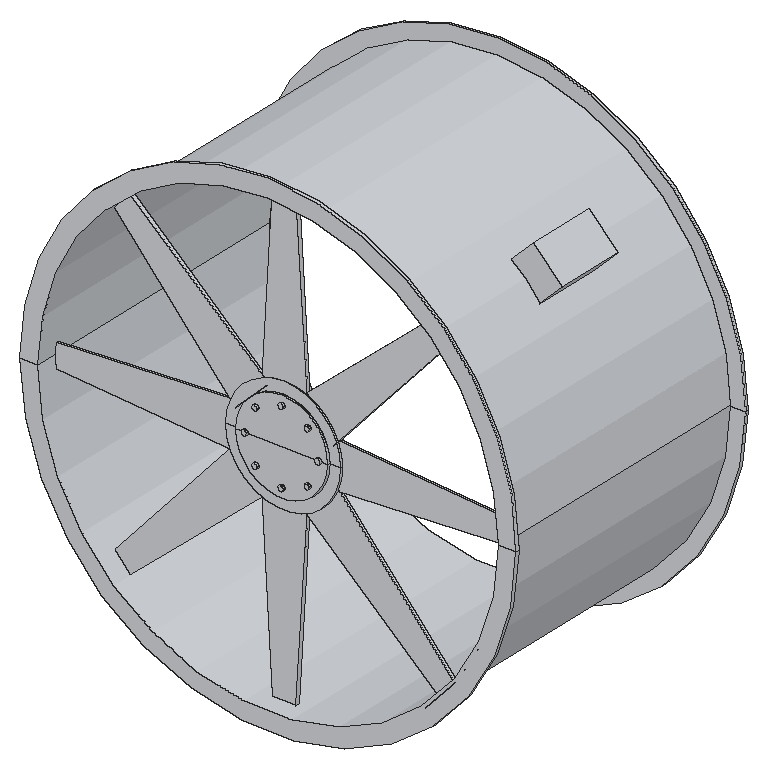
Revit family "CADS_Vent-Axia_MechEquip_Fan_LCA_900_3Ph4P - SUPPLY", category Mechanical Equipment, Revit 2020
Family settings
  Round Connector Dimension = Use Diameter
  Part Type = Normal
  OmniClass Number = 23.75.00.00
  OmniClass Title = Climate Control (HVAC)
  Work Plane-Based = No
  Always vertical = Yes
  Cut with Voids When Loaded = No
  Shared = No
  Room Calculation Point = No
Parameters (values of type "LCA903410")
  nr = NominalDiameter / 2  # 450 mm
  WorkingPressure = 0.0 Pa
  WarrantyStartDate [instance] = "1900-12-31T23:59:59"
  WarrantyPeriod = ""
  WarrantyIdentifier = "N/A"
  WarrantyGuarantorParts = "tech@vent-axia.com"
  WarrantyGuarantorLabor = "tech@vent-axia.com"
  WarrantyGuarantor = "Vent-Axia Limited"
  WarrantyEndDate [instance] = "1900-12-31T23:59:59"
  WarrantyContent = ""
  TemperatureRange = ""
  TagNumber [instance] = "N/A"
  SustainabilityPerformance = ""
  Status = "New"
  Size = ""
  Shape = ""
  ServiceLifeType = ""
  ServiceLifeDuration = ""
  SerialNumber [instance] = "N/A"
  ReplacementCost = ""
  RatedVoltage = 0 V
  RatedCurrent = 0 A
  Quantity = 1
  ProductionYear = ""
  PressureCurve = ""
  PowerFactor = ""
  PointOfContact = ""
  NumberOfPoles = 0
  NominalWidth = 900 mm
  NominalLength = 565 mm
  NominalHeight = 900 mm
  NominalFrequencyRange = ""
  NominalDiameter = 900 mm
  ModelReference = "LCAX 900mm 3PH 4P 10DEG"
  ModelNumber = "LCA903410"
  Material = ""
  ManufacturerE-Mail = "tech@vent-axia.com"
  ManufacturerAddress = "Fleming Way\nCrawley \nRH10 9YX"
  IsExtendedWarranty = no
  InsulationStandardClass = ""
  InstallationDate [instance] = "1900-12-31T23:59:59"
  IfcExportType [instance] = ""
  IfcExportAs = "IfcFanType"
  IP_Code = ""
  HasProtectiveEarth = no
  GrossWeight = 0.00 kg
  Grade = ""
  GlobalTradeItemNumber [instance] = "N/A"
  Fitting Type = "Ignore"
  Finish = ""
  Features = ""
  ExteriorInsulation = no
  ExpectedServiceLife = 0
  Exclusions = ""
  DurationUnit = "Year"
  Default Elevation = 0 mm
  Constituents = ""
  ConductorFunction = ""
  Color = ""
  CodePerformance = ""
  Category = ""
  CADS_Usage = 0
  CADS_Index = 0
  AssetType = "FIXED"
  AssetIdentifier [instance] = "N/A"
  AssemblyPlace = "UNKNOWN"
  ArticleNumber [instance] = "N/A"
  AirflowRateRange = 0.0 L/s
  Air Flow [instance] = 0.0 L/s
  AccessibilityPerformance = ""
Types (16, lengths in mm): name | NominalLength | ModelReference | ModelNumber
  LCA903410 | 565 | "LCAX 900mm 3PH 4P 10DEG" | "LCA903410"
  LCA903412 | 565 | "LCAX 900mm 3PH 4P 12DEG" | "LCA903412"
  LCA903414 | 565 | "LCAX 900mm 3PH 4P 14DEG" | "LCA903414"
  LCA903416 | 565 | "LCAX 900mm 3PH 4P 16DEG" | "LCA903416"
  LCA903418 | 565 | "LCAX 900mm 3PH 4P 18DEG" | "LCA903418"
  LCA903420 | 565 | "LCAX 900mm 3PH 4P 20DEG" | "LCA903420"
  LCA903422 | 565 | "LCAX 900mm 3PH 4P 22DEG" | "LCA903422"
  LCA903424 | 565 | "LCAX 900mm 3PH 4P 24DEG" | "LCA903424"
  LCA903426 | 565 | "LCAX 900mm 3PH 4P 26DEG" | "LCA903426"
  LCA903428 | 700 | "LCAX 900mm 3PH 4P 28DEG" | "LCA903428"
  LCA903430 | 700 | "LCAX 900mm 3PH 4P 30DEG" | "LCA903430"
  LCA903432 | 700 | "LCAX 900mm 3PH 4P 32DEG" | "LCA903432"
  LCA903434 | 700 | "LCAX 900mm 3PH 4P 34DEG" | "LCA903434"
  LCA903436 | 700 | "LCAX 900mm 3PH 4P 36DEG" | "LCA903436"
  LCA903438 | 700 | "LCAX 900mm 3PH 4P 38DEG" | "LCA903438"
  LCA903440 | 700 | "LCAX 900mm 3PH 4P 40DEG" | "LCA903440"
Reference planes
  plane 1 "Center (Front/Back)": y = 0
  plane 2: z = 0
  plane 3 "Center (Left/Right)": x = 0
  plane 4: x = -450
  plane 5: x = 450
  plane 6 "F": y = -282.5
  plane 7 "B": y = 282.5
  plane 8: x = -485
  plane 9: y = 277.5
  plane 10: y = -277.5
  plane 11: x = -455
  plane 12: y = -242.5
  plane 13 "top": z = 450
  plane 14: z = -450
  plane 15 "45deg": through (0, -1524, 0) normal (-0.7071, 0, -0.7071)
  plane 16 "C": through (0, -1524, 0) normal (-0.7071, 0, 0.7071)
Forms (mm)
  Revolve 1, solid
    sketch origin (0, 0, 0) x (1, 0, 0) y (0, 1, 0)
      loop
        line (-485, -282.5) -> (-450, -282.5) -> (-450, 282.5) -> (-485, 282.5) -> (-485, 277.5) -> (-455, 277.5) -> (-455, -277.5) -> (-485, -277.5) -> (-485, -282.5)
      axis (0, 282.5) -> (0, -282.5)
    angle from 0 to 360
  Sweep 2, solid
    path origin (0, 0, 0) x (1, 0, 0) y (0, 0, 1)
      loop
        line (318.198, 318.198) -> (364.16, 364.16)
    profile origin (341.179, 0, 341.179) x (-0.707107, 0, 0.707107) y (0, -1, 0)
      loop
        line (37.5, 55) -> (-42.73, 55) -> (-42.73, -79.5) -> (37.5, -79.5) -> (37.5, 55)
Dimensions and locks
  equal spacing: plane 4, plane 3 "Center (Left/Right)", plane 5
  equal spacing: plane 7 "B", plane 1 "Center (Front/Back)", plane 6 "F"
  "NominalLength": plane 7 "B" to plane 6 "F"
  "NominalDiameter": plane 4 to plane 5
  locked: plane 11 to plane 4 at 5
  locked: plane 8 to plane 11 at 30
  locked: plane 6 "F" to plane 10 at 5
  locked: plane 7 "B" to plane 9 at 5
  locked: plane 6 "F" to plane 12 at 40
  equal spacing: plane 13 "top", level, plane 14
  "NominalDiameter": plane 13 "top" to plane 14
  "nr": Sweep 2 sketch curve to nested 13
  Sweep 2 sketch curve to Sweep 2 sketch curve = 65 mm
  aligned and locked: level to plane 2
  aligned and locked: nested 1 to plane 12
Automatic sketch dimensions
  plane 6 "F" to Revolve 1 sketch curve = 0 mm
  Revolve 1 sketch curve to plane 8 = 0 mm  (x2)
  plane 10 to Revolve 1 sketch curve = 0 mm
  Revolve 1 sketch curve to plane 11 = 0 mm
  Revolve 1 sketch curve to plane 4 = 0 mm
  Revolve 1 sketch curve to plane 3 "Center (Left/Right)" = 0 mm
  plane 1 "Center (Front/Back)" to Revolve 1 sketch curve = 0 mm
  Revolve 1 sketch curve to plane 9 = 0 mm
  Revolve 1 sketch curve to plane 7 "B" = 0 mm
  plane 6 "F" to Revolve 1 sketch curve = 115 mm
  plane 1 "Center (Front/Back)" to Sweep 2 sketch curve = 55 mm
  Sweep 2 sketch curve to profile plane = 37.5 mm
  Sweep 2 sketch curve to Sweep 2 sketch curve = 80.23 mm
  Sweep 2 sketch curve to Sweep 2 sketch curve = 134.5 mm
  Sweep 2 sketch curve to plane 16 "C" = 0 mm  (x2)
Nested families
  nested 1: "Fan for ESC" at (0, -242.5, 0), ND <- "NominalDiameter", type "Fan for ESC"
    with hub 90 mm, ND 900 mm, BoltPCD 72 mm, Bolt Count 8, B_Diam 10 mm
  nested 2: "Bolts" at (0, -251.672, -72) x (-1, 0, 0) z (0, 1, 0), type "Bolts"
    with bd 10 mm
  nested 3: "Bolts" at (-50.912, -251.672, -50.912) x (-0.7071, 0, 0.7071) z (0, 1, 0), type "Bolts"
    with bd 10 mm
  nested 4: "Bolts" at (-72, -251.672, 0) x (0, 0, 1) z (0, 1, 0), type "Bolts"
    with bd 10 mm
  nested 5: "Bolts" at (-50.912, -251.672, 50.912) x (0.7071, 0, 0.7071) z (0, 1, 0), type "Bolts"
    with bd 10 mm
  nested 6: "Bolts" at (50.912, -251.672, 50.912) x (0.7071, 0, -0.7071) z (0, 1, 0), type "Bolts"
    with bd 10 mm
  nested 7: "Bolts" at (0, -251.672, 72) x (1, 0, 0) z (0, 1, 0), type "Bolts"
    with bd 10 mm
  nested 8: "ESC Blade" at (0, -242.5, 0), type "ESC Blade"
    with a 20.00°, HR 90 mm, HD 180 mm, BT 45 mm, BR 360 mm, BH 40 mm, BD 900 mm, BB 90 mm
  nested 9: "ESC Blade" at (0, -242.5, 0) x (0.7071, 0, -0.7071) z (0.7071, 0, 0.7071), type "ESC Blade"
    with a 20.00°, HR 90 mm, HD 180 mm, BT 45 mm, BR 360 mm, BH 40 mm, BD 900 mm, BB 90 mm
  nested 10: "ESC Blade" at (0, -242.5, 0) x (0, 0, -1) z (1, 0, 0), type "ESC Blade"
    with a 20.00°, HR 90 mm, HD 180 mm, BT 45 mm, BR 360 mm, BH 40 mm, BD 900 mm, BB 90 mm
  nested 11: "ESC Blade" at (0, -242.5, 0) x (-0.7071, 0, -0.7071) z (0.7071, 0, -0.7071), type "ESC Blade"
    with a 20.00°, HR 90 mm, HD 180 mm, BT 45 mm, BR 360 mm, BH 40 mm, BD 900 mm, BB 90 mm
  nested 12: "ESC Blade" at (0, -242.5, 0) x (-1, 0, 0) z (0, 0, -1), type "ESC Blade"
    with a 20.00°, HR 90 mm, HD 180 mm, BT 45 mm, BR 360 mm, BH 40 mm, BD 900 mm, BB 90 mm
  nested 13: "ESC Blade" at (0, -242.5, 0) x (-0.7071, 0, -0.7071) z (-0.7071, 0, 0.7071), type "ESC Blade"
    with a 20.00°, HR 90 mm, HD 180 mm, BT 45 mm, BR 360 mm, BH 40 mm, BD 900 mm, BB 90 mm
  nested 14: "ESC Blade" at (0, -242.5, 0) x (0, 0, -1) z (-1, 0, 0), type "ESC Blade"
    with a 20.00°, HR 90 mm, HD 180 mm, BT 45 mm, BR 360 mm, BH 40 mm, BD 900 mm, BB 90 mm
  nested 15: "ESC Blade" at (0, -242.5, 0) x (0.7071, 0, -0.7071) z (-0.7071, 0, -0.7071), type "ESC Blade"
    with a 20.00°, HR 90 mm, HD 180 mm, BT 45 mm, BR 360 mm, BH 40 mm, BD 900 mm, BB 90 mm
  nested 16: "Bolts" at (72, -251.672, 0) x (0, 0, -1) z (0, 1, 0), type "Bolts"
    with bd 10 mm
  nested 17: "Bolts" at (50.912, -251.672, -50.912) x (-0.7071, 0, -0.7071) z (0, 1, 0), type "Bolts"
    with bd 10 mm
Connectors
  hvac at (0, -282.5, 0), driven by "NominalDiameter", driven by "Air Flow"
    settings: on Revolve 1, index 1, duct flow 0.0 L/s, flow factor 0, pres drop 0.0 Pa, loss coef 0, conn angle 0.00°, conn width 304.8 mm, conn height 304.8 mm, conn diameter 900 mm, duct sys type 1, conn prof type 0, flow config 1, flow direction 1, loss method 0, conn ref index -1, conn util no, is conn primary yes, conn desc ""
  hvac at (0, 282.5, 0), driven by "NominalDiameter", driven by "Air Flow"
    settings: on Revolve 1, index 2, duct flow 0.0 L/s, flow factor 0, pres drop 0.0 Pa, loss coef 0, conn angle 0.00°, conn width 304.8 mm, conn height 304.8 mm, conn diameter 900 mm, duct sys type 1, conn prof type 0, flow config 0, flow direction 2, loss method 0, conn ref index -1, conn util no, is conn primary no, conn desc ""
Definition of nested family "Fan for ESC"
  Parameters (values of type "Fan for ESC")
    hub [instance] = ND / 10  # 56.7 mm
    ND [instance] = 567 mm
    Model = "."
    Default Elevation = 0 mm
    BoltPCD [instance] = hub - (hub * 0.2)  # 45.36 mm
    Bolt Count [instance] = if(hub < 50 mm, 6, 8)  # 8
    B_Diam [instance] = if(hub < 50 mm, 5 mm, 10 mm)  # 10 mm
  Reference planes
    plane 1 "Center (Front/Back)": y = 0
    plane 2: z = 0
    plane 3 "Center (Left/Right)": x = 0
    plane 4 "back": y = 20
    plane 5 "bolts": y = -9.172
    plane 6 "B": z = 56.7
    plane 7: x = -79.287
    plane 8: x = -56.7
    plane 9 "hubface": y = -6.172
  Forms (mm)
    Revolve 1, solid
      sketch origin (0, 0, 0) x (1, 0, 0) y (0, 1, 0)
        loop
          line (0, 20) -> (-56.7, 20) -> (-56.7, 10.504) -> (-79.287, 10.504) -> (-79.287, -2.597) -> (-56.7, -2.597) -> (-56.7, -6.172) -> (0, -6.172) -> (0, 20)
        axis (0, 20) -> (0, -6.172)
      angle from 0 to 360
    Extrusion 2, solid, not visible
      sketch origin (0, -6.347, -4) x (-1, 0, 0) y (0, 0, 1)
        loop
          circle (0, 84) r 5
      from 0 to 3
  Lines and regions (mm)
    symbolic lines
      curve 1: circle (0, -9.172, 0) r 45.36 normal (0, 1, 0)
    model lines, not visible
      curve 2: line (0, -6.347, 85) -> (0, -6.347, 75)
  Dimensions and locks
    "hub": plane 6 "B" to plane 2
    "hub": nested 3 to plane 3 "Center (Left/Right)"
    "hub": nested 4 to plane 3 "Center (Left/Right)"
    "hub": nested 5 to plane 3 "Center (Left/Right)"
    "hub": plane 3 "Center (Left/Right)" to nested 6
    "hub": Revolve 1 sketch curve to Revolve 1 sketch curve
    "hub": plane 3 "Center (Left/Right)" to nested 7
    "hub": plane 3 "Center (Left/Right)" to nested 8
    "hub": plane 3 "Center (Left/Right)" to nested 9
    "hub": plane 8 to plane 3 "Center (Left/Right)"
    plane 7 to plane 8 = 22.587 mm
    diameter of Extrusion 2 sketch curve = 10 mm
    "BoltPCD": radius of curve 1
    "BoltPCD": radius of radial array
    aligned and locked: level to plane 2
    aligned and locked: plane 6 "B" to nested 1
  Automatic sketch dimensions
    Revolve 1 sketch curve to plane 7 = 0 mm
    Revolve 1 sketch curve to plane 8 = 0 mm  (x2)
    Revolve 1 sketch curve to plane 3 "Center (Left/Right)" = 0 mm
    Revolve 1 sketch curve to plane 9 "hubface" = 0 mm
    plane 4 "back" to Revolve 1 sketch curve = 0 mm
    plane 1 "Center (Front/Back)" to Revolve 1 sketch curve = 2.597 mm
    plane 4 "back" to Revolve 1 sketch curve = 9.496 mm
    Revolve 1 sketch curve to Revolve 1 sketch curve = 5 mm
    Revolve 1 sketch curve to plane 4 "back" = 45 mm
    curve 1 to level = 0 mm
    curve 1 to plane 3 "Center (Left/Right)" = 0 mm
  Nested families
    nested 1: "ESC Blade" at (0, 0, 0), BD <- "ND", HD <- "hub", type "ESC Blade"
      with a 20.00°, HR 56.7 mm, HD 113.4 mm, BT 28.35 mm, BR 226.8 mm, BH 40 mm, BD 567 mm, BB 56.7 mm
    nested 2: "ESC Blade" at (0, 0, 755), BD <- "ND", HD <- "hub", type "ESC Blade", not visible
      with a 20.00°, HR 56.7 mm, HD 113.4 mm, BT 28.35 mm, BR 226.8 mm, BH 40 mm, BD 567 mm, BB 56.7 mm
    nested 3: "ESC Blade" at (0, 0, 0) x (0.7071, 0, -0.7071) z (0.7071, 0, 0.7071), BD <- "ND", HD <- "hub", type "ESC Blade"
      with a 20.00°, HR 56.7 mm, HD 113.4 mm, BT 28.35 mm, BR 226.8 mm, BH 40 mm, BD 567 mm, BB 56.7 mm
    nested 4: "ESC Blade" at (0, 0, 0) x (0, 0, -1) z (1, 0, 0), BD <- "ND", HD <- "hub", type "ESC Blade"
      with a 20.00°, HR 56.7 mm, HD 113.4 mm, BT 28.35 mm, BR 226.8 mm, BH 40 mm, BD 567 mm, BB 56.7 mm
    nested 5: "ESC Blade" at (0, 0, 0) x (-0.7071, 0, -0.7071) z (0.7071, 0, -0.7071), BD <- "ND", HD <- "hub", type "ESC Blade"
      with a 20.00°, HR 56.7 mm, HD 113.4 mm, BT 28.35 mm, BR 226.8 mm, BH 40 mm, BD 567 mm, BB 56.7 mm
    nested 6: "ESC Blade" at (0, 0, 0) x (-1, 0, 0) z (0, 0, -1), BD <- "ND", HD <- "hub", type "ESC Blade"
      with a 20.00°, HR 56.7 mm, HD 113.4 mm, BT 28.35 mm, BR 226.8 mm, BH 40 mm, BD 567 mm, BB 56.7 mm
    nested 7: "ESC Blade" at (0, 0, 0) x (-0.7071, 0, -0.7071) z (-0.7071, 0, 0.7071), BD <- "ND", HD <- "hub", type "ESC Blade"
      with a 20.00°, HR 56.7 mm, HD 113.4 mm, BT 28.35 mm, BR 226.8 mm, BH 40 mm, BD 567 mm, BB 56.7 mm
    nested 8: "ESC Blade" at (0, 0, 0) x (0, 0, -1) z (-1, 0, 0), BD <- "ND", HD <- "hub", type "ESC Blade"
      with a 20.00°, HR 56.7 mm, HD 113.4 mm, BT 28.35 mm, BR 226.8 mm, BH 40 mm, BD 567 mm, BB 56.7 mm
    nested 9: "ESC Blade" at (0, 0, 0) x (0.7071, 0, -0.7071) z (-0.7071, 0, -0.7071), BD <- "ND", HD <- "hub", type "ESC Blade"
      with a 20.00°, HR 56.7 mm, HD 113.4 mm, BT 28.35 mm, BR 226.8 mm, BH 40 mm, BD 567 mm, BB 56.7 mm
    nested 10: "Bolts" at (0, -9.172, 45.36) x (1, 0, 0) z (0, 1, 0), bd <- "B_Diam", type "Bolts"
      with bd 10 mm
    nested 11: "Bolts" at (32.074, -9.172, 32.074) x (0.7071, 0, -0.7071) z (0, 1, 0), bd <- "B_Diam", type "Bolts"
      with bd 10 mm
    nested 12: "Bolts" at (-32.074, -9.172, 32.074) x (0.7071, 0, 0.7071) z (0, 1, 0), bd <- "B_Diam", type "Bolts"
      with bd 10 mm
    nested 13: "Bolts" at (-45.36, -9.172, 0) x (0, 0, 1) z (0, 1, 0), bd <- "B_Diam", type "Bolts"
      with bd 10 mm
    nested 14: "Bolts" at (-32.074, -9.172, -32.074) x (-0.7071, 0, 0.7071) z (0, 1, 0), bd <- "B_Diam", type "Bolts"
      with bd 10 mm
    nested 15: "Bolts" at (0, -9.172, -45.36) x (-1, 0, 0) z (0, 1, 0), bd <- "B_Diam", type "Bolts"
      with bd 10 mm
    nested 16: "Bolts" at (32.074, -9.172, -32.074) x (-0.7071, 0, -0.7071) z (0, 1, 0), bd <- "B_Diam", type "Bolts"
      with bd 10 mm
    nested 17: "Bolts" at (45.36, -9.172, 0) x (0, 0, -1) z (0, 1, 0), bd <- "B_Diam", type "Bolts"
      with bd 10 mm
  Definition of nested family "ESC Blade"
    Parameters (values of type "ESC Blade")
      a [instance] = 20.00°
      HR [instance] = HD / 2  # 30 mm
      HD [instance] = BD / 5  # 60 mm
      Default Elevation = 1219.2 mm
      BT [instance] = BD / 20  # 15 mm
      BR [instance] = (BD / 2) - HR  # 120 mm
      BH [instance] = 40 mm
      BD [instance] = 300 mm
      BB [instance] = BD / 10  # 30 mm
    Reference planes
      plane 1 "Center (Front/Back)": y = 0
      plane 2: z = 0
      plane 3 "Center (Left/Right)": x = 0
      plane 4 "Blade Bot": z = 30
      plane 5: x = -15
      plane 6: x = 15
      plane 7: x = -7.5
      plane 8: x = 7.5
    Forms (mm)
      Blend 1, solid
        base sketch origin (0, 0, 30) x (-1, 0, 0) y (0, -1, 0)
          loop
            line (15, 0) -> (-15, 0) -> (-15, -6) -> (15, -6) -> (15, 0)
        top sketch origin (0, 0, 30) x (-1, 0, 0) y (0, -1, 0)
          loop
            line (7.5, -6) -> (7.5, 0) -> (-7.5, 0) -> (-7.5, -6) -> (7.5, -6)
        from 0 to 120 <- "BR"
    Dimensions and locks
      "HR": plane 4 "Blade Bot" to level
      equal spacing: plane 8, plane 3 "Center (Left/Right)", plane 7
      "BT": plane 8 to plane 7
      equal spacing: plane 6, plane 3 "Center (Left/Right)", plane 5
      "BB": plane 6 to plane 5
      aligned and locked: level to plane 2
    Automatic sketch dimensions
      plane 1 "Center (Front/Back)" to Blend 1 sketch curve = 0 mm  (x2)
      Blend 1 sketch curve to plane 6 = 0 mm
      Blend 1 sketch curve to plane 5 = 0 mm
      Blend 1 sketch curve to plane 1 "Center (Front/Back)" = 6 mm  (x2)
      Blend 1 sketch curve to plane 8 = 0 mm
      Blend 1 sketch curve to plane 7 = 0 mm
  Definition of nested family "Bolts"
    Parameters
      bd [instance] = 10 mm
      Default Elevation = 1219.2 mm
    Reference planes
      plane 1 "Center (Front/Back)": y = 0
      plane 2: z = 0
      plane 3 "Center (Left/Right)": x = 0
    Forms (mm)
      Extrusion 1, solid
        sketch origin (0, 0, 0) x (1, 0, 0) y (0, 1, 0)
          loop
            line (-1219.2, 1219.2) -> (-1219.2, -1219.2) -> (1219.2, -1219.2) -> (1219.2, 1219.2) -> (-1219.2, 1219.2)
        from 0 to -304.8
      Extrusion 2, solid
        sketch origin (0, 0, 0) x (1, 0, 0) y (0, 1, 0)
          loop
            circle (0, 0) r 5
        from 0 to 3
    Dimensions and locks
      "bd": diameter of Extrusion 2 sketch curve
      aligned and locked: plane 2 to Extrusion 1
      aligned and locked: level to Extrusion 1
    Automatic sketch dimensions
      Extrusion 1 sketch curve to Extrusion 1 sketch curve = 2438.4 mm  (x2)
      plane 1 "Center (Front/Back)" to Extrusion 2 sketch curve = 0 mm
      Extrusion 2 sketch curve to plane 3 "Center (Left/Right)" = 0 mm
Definition of nested family "Bolts"
  Parameters
    bd [instance] = 10 mm
    Default Elevation = 1219.2 mm
  Reference planes
    plane 1 "Center (Front/Back)": y = 0
    plane 2: z = 0
    plane 3 "Center (Left/Right)": x = 0
  Forms (mm)
    Extrusion 1, solid
      sketch origin (0, 0, 0) x (1, 0, 0) y (0, 1, 0)
        loop
          line (-1219.2, 1219.2) -> (-1219.2, -1219.2) -> (1219.2, -1219.2) -> (1219.2, 1219.2) -> (-1219.2, 1219.2)
      from 0 to -304.8
    Extrusion 2, solid
      sketch origin (0, 0, 0) x (1, 0, 0) y (0, 1, 0)
        loop
          circle (0, 0) r 5
      from 0 to 3
  Dimensions and locks
    "bd": diameter of Extrusion 2 sketch curve
    aligned and locked: plane 2 to Extrusion 1
    aligned and locked: level to Extrusion 1
  Automatic sketch dimensions
    Extrusion 1 sketch curve to Extrusion 1 sketch curve = 2438.4 mm  (x2)
    plane 1 "Center (Front/Back)" to Extrusion 2 sketch curve = 0 mm
    Extrusion 2 sketch curve to plane 3 "Center (Left/Right)" = 0 mm
Definition of nested family "ESC Blade"
  Parameters (values of type "ESC Blade")
    a [instance] = 20.00°
    HR [instance] = HD / 2  # 30 mm
    HD [instance] = BD / 5  # 60 mm
    Default Elevation = 1219.2 mm
    BT [instance] = BD / 20  # 15 mm
    BR [instance] = (BD / 2) - HR  # 120 mm
    BH [instance] = 40 mm
    BD [instance] = 300 mm
    BB [instance] = BD / 10  # 30 mm
  Reference planes
    plane 1 "Center (Front/Back)": y = 0
    plane 2: z = 0
    plane 3 "Center (Left/Right)": x = 0
    plane 4 "Blade Bot": z = 30
    plane 5: x = -15
    plane 6: x = 15
    plane 7: x = -7.5
    plane 8: x = 7.5
  Forms (mm)
    Blend 1, solid
      base sketch origin (0, 0, 30) x (-1, 0, 0) y (0, -1, 0)
        loop
          line (15, 0) -> (-15, 0) -> (-15, -6) -> (15, -6) -> (15, 0)
      top sketch origin (0, 0, 30) x (-1, 0, 0) y (0, -1, 0)
        loop
          line (7.5, -6) -> (7.5, 0) -> (-7.5, 0) -> (-7.5, -6) -> (7.5, -6)
      from 0 to 120 <- "BR"
  Dimensions and locks
    "HR": plane 4 "Blade Bot" to level
    equal spacing: plane 8, plane 3 "Center (Left/Right)", plane 7
    "BT": plane 8 to plane 7
    equal spacing: plane 6, plane 3 "Center (Left/Right)", plane 5
    "BB": plane 6 to plane 5
    aligned and locked: level to plane 2
  Automatic sketch dimensions
    plane 1 "Center (Front/Back)" to Blend 1 sketch curve = 0 mm  (x2)
    Blend 1 sketch curve to plane 6 = 0 mm
    Blend 1 sketch curve to plane 5 = 0 mm
    Blend 1 sketch curve to plane 1 "Center (Front/Back)" = 6 mm  (x2)
    Blend 1 sketch curve to plane 8 = 0 mm
    Blend 1 sketch curve to plane 7 = 0 mm
